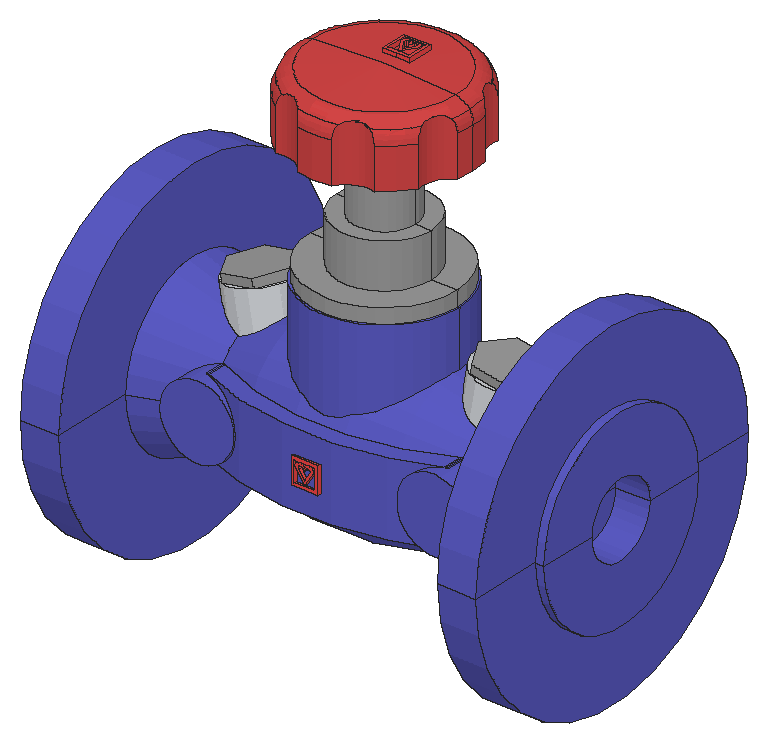
Revit family "Запорный клапан 4218 AGF", category Rohrzubehör, Revit 2018
Family settings
  Bemaßung runder Anschluss = Durchmesser verwenden
  Teiletyp = Unterbricht
  Arbeitsebenenbasiert = Nein
  Immer vertikal = Ja
  Beim Laden mit Abzugskörper schneiden = Nein
  Gemeinsam genutzt = Nein
Parameters
  w = 10.00°  # constant formula
  PN = 16  # constant formula
  Макс. рабочая температура до DN32 = 130 °C  # constant formula
  Макс. рабочая температура с DN40 = 110 °C  # constant formula
  Макс. рабочее давление = 1600000.0 Pa  # constant formula
  m2 [instance] = size_lookup("4218_AGF", "m2", 22.00 mm, Nennweite)  # 11.00 mm
  m1 [instance] = 27.59 mm  # constant formula
  d1 [instance] = size_lookup("4218_AGF", "d1", 25.00 mm, Nennweite)  # 25.00 mm
  Букса для клапана = "Латунь"  # constant formula
  Корпус = "Серый чугун GJL 250 в соответствии с EN 1561"  # constant formula
  URL = "www.herz-armaturen.ru"
  SCRNSEQ = "ARM;ARM_TYP=\"ABSV\";2"
  SCRNCODE = "05;11;2"  # constant formula
  R05 [instance] = size_lookup("4218_AGF", "R05", 45.00 mm, Nennweite)  # 45.00 mm
  R04 [instance] = size_lookup("4218_AGF", "R04", 25.50 mm, Nennweite)  # 25.50 mm
  R03 [instance] = size_lookup("4218_AGF", "R03", 30.00 mm, Nennweite)  # 30.00 mm
  R02 [instance] = size_lookup("4218_AGF", "R02", 21.15 mm, Nennweite)  # 21.15 mm
  R01 [instance] = size_lookup("4218_AGF", "R01", 29.50 mm, Nennweite)  # 29.50 mm
  O-Ringe = "EPDM"  # constant formula
  Nennweite [instance] = 25.00 mm
  Среда = "Качество теплоносителя в соответствии с ÖNORM H5195 и/или предписаниями VDI 2035.\r\nРазрешается использование смеси этилен или пропиленгликоля в соотношении 25-50% с водой."
  Lk [instance] = size_lookup("4218_AGF", "Lk", 32.50 mm, Nennweite)  # 32.50 mm
  L05 [instance] = 34.16 mm  # constant formula
  L04 [instance] = size_lookup("4218_AGF", "L04", 40.00 mm, Nennweite)  # 40.00 mm
  L03 [instance] = size_lookup("4218_AGF", "L03", 42.00 mm, Nennweite)  # 42.00 mm
  L02 [instance] = size_lookup("4218_AGF", "L02", 3.00 mm, Nennweite)  # 3.00 mm
  L01 [instance] = size_lookup("4218_AGF", "L01", 13.00 mm, Nennweite)  # 13.00 mm
  L [instance] = size_lookup("4218_AGF", "L", 160.00 mm, Nennweite)  # 160.00 mm
  Hersteller = "HERZ-Armaturen Ges.m.b.H"  # constant formula
  Dfl [instance] = size_lookup("4218_AGF", "Dfl", 57.50 mm, Nennweite)  # 57.50 mm
  DN80 [instance] = Nennweite = 80.00 mm  # no
  DN65-80 [instance] = or(Nennweite = 65.00 mm, Nennweite = 80.00 mm)  # no
  DN65 [instance] = Nennweite = 65.00 mm  # no
  DN50-80 [instance] = or(Nennweite = 50.00 mm, Nennweite = 65.00 mm, Nennweite = 80.00 mm)  # no
  DN50 [instance] = Nennweite = 50.00 mm  # no
  DN40 [instance] = Nennweite = 40.00 mm  # no
  DN32 [instance] = Nennweite = 32.00 mm  # no
  DN32-40 [instance] = or(Nennweite = 32.00 mm, Nennweite = 40.00 mm)  # no
  DN25-40 [instance] = or(Nennweite = 25.00 mm, Nennweite = 32.00 mm, Nennweite = 40.00 mm)  # yes
  DN25 [instance] = Nennweite = 25.00 mm  # yes
  D [instance] = size_lookup("4218_AGF", "D", 12.50 mm, Nennweite)  # 12.50 mm
  Номер заказа [instance] = size_lookup("4218_AGF", "Artnr", 0, Nennweite)  # 1421853
  B [instance] = size_lookup("4218_AGF", "B", 58.00 mm, Nennweite)  # 58.00 mm
  Область применения = "Для гидравлической балансировки в системах отопления или холодоснабжения, регулирования и перекрытия трубопроводов, стояков, теплообменников, регистров отопления и охлаждения."
Reference planes
  plane 1 "Mitte (Vorne/hinten)": y = 0
  plane 2: z = 0
  plane 3 "Mitte (Links/rechts)": x = 0
Forms (mm)
  Revolve 1, solid, material "Herz-Marineblau", detail levels fine
    sketch origin (1065, 0, 0) x (1, 0, 0) y (0, 1, 0)
      loop
        line (-1142, 57.5) -> (-1142, 32.5) -> (-1145, 32.5) -> (-1145, 12.5) -> (-1135, 12.5) -> (-1135, 0) -> (-997, 0) -> (-997, 12.5) -> (-985, 12.5) -> (-985, 32.5) -> (-988, 32.5) -> (-988, 57.5) -> (-1001, 57.5) -> (-1001, 29.5) -> (-1024.25, 21.15)
        arc (-1024.25, 21.15) -> (-1065, 30) -> (-1105.75, 21.15) r 98.242
        line (-1105.75, 21.15) -> (-1129, 29.5) -> (-1129, 57.5) -> (-1142, 57.5)
      axis (-985, 0) -> (-1145, 0)
    angle from 0 to 360
  Extrusion 2, solid, material "Herz-Marineblau", visible <- "DN25", detail levels fine
    sketch origin (0, 0, 0) x (1, 0, 0) y (0, 1, 0)
      loop
        arc (-40.75, -24.228) -> (0.085, -32.958) -> (40.917, -24.217) r 99.801
        line (40.917, -24.217) -> (40.917, 24.217)
        arc (40.917, 24.217) -> (0.085, 32.958) -> (-40.75, 24.228) r 99.801
        line (-40.75, 24.228) -> (-40.75, -24.228)
    from -12.5 to 12.5
  Extrusion 3, solid, material "Herz-Marineblau"
    sketch origin (0, 0, 0) x (1, 0, 0) y (0, 0, 1)
      loop
        circle (-40, 0) r 12.5
      loop
        circle (40, 0) r 12.5
    from -29 to 29
  Revolve 4, solid, visible <- "DN25"
    sketch origin (0, 0, 0) x (1, 0, 0) y (0, 0, 1)
      loop
        line (-42.018, 32) -> (-37.406, 5.845) -> (-26.573, 7.755) -> (-31.185, 33.91) -> (-42.018, 32)
      axis (-42.018, 32) -> (-37.406, 5.845)
    angle from 0 to 360
  Revolve 5, solid, visible <- "DN25"
    sketch origin (0, 0, 0) x (-1, 0, 0) y (0, 0, 1)
      loop
        line (-42.018, 32) -> (-37.406, 5.845) -> (-26.573, 7.755) -> (-31.185, 33.91) -> (-42.018, 32)
      axis (-42.018, 32) -> (-37.406, 5.845)
    angle from 0 to 360
  Revolve 6, solid, visible <- "DN32"
    sketch origin (-6, 0, 0) x (1, 0, 0) y (0, 0, 1)
      loop
        line (-42.018, 32) -> (-37.406, 5.845) -> (-26.573, 7.755) -> (-31.185, 33.91) -> (-42.018, 32)
      axis (-42.018, 32) -> (-37.406, 5.845)
    angle from 0 to 360
  Revolve 7, solid, visible <- "DN32"
    sketch origin (6, 0, 0) x (-1, 0, 0) y (0, 0, 1)
      loop
        line (-42.018, 32) -> (-37.406, 5.845) -> (-26.573, 7.755) -> (-31.185, 33.91) -> (-42.018, 32)
      axis (-42.018, 32) -> (-37.406, 5.845)
    angle from 0 to 360
  Revolve 8, solid, visible <- "DN40"
    sketch origin (-10, 0, 6) x (1, 0, 0) y (0, 0, 1)
      loop
        line (-42.018, 32) -> (-37.406, 5.845) -> (-26.573, 7.755) -> (-31.185, 33.91) -> (-42.018, 32)
      axis (-42.018, 32) -> (-37.406, 5.845)
    angle from 0 to 360
  Revolve 9, solid, visible <- "DN40"
    sketch origin (10, 0, 6) x (-1, 0, 0) y (0, 0, 1)
      loop
        line (-42.018, 32) -> (-37.406, 5.845) -> (-26.573, 7.755) -> (-31.185, 33.91) -> (-42.018, 32)
      axis (-42.018, 32) -> (-37.406, 5.845)
    angle from 0 to 360
  Revolve 10, solid, visible <- "DN50"
    sketch origin (-23, 0, 16) x (1, 0, 0) y (0, 0, 1)
      loop
        line (-42.018, 32) -> (-37.406, 5.845) -> (-26.573, 7.755) -> (-31.185, 33.91) -> (-42.018, 32)
      axis (-42.018, 32) -> (-37.406, 5.845)
    angle from 0 to 360
  Revolve 11, solid, visible <- "DN50"
    sketch origin (23, 0, 16) x (-1, 0, 0) y (0, 0, 1)
      loop
        line (-42.018, 32) -> (-37.406, 5.845) -> (-26.573, 7.755) -> (-31.185, 33.91) -> (-42.018, 32)
      axis (-42.018, 32) -> (-37.406, 5.845)
    angle from 0 to 360
  Revolve 12, solid, visible <- "DN65"
    sketch origin (-35, 0, 28) x (1, 0, 0) y (0, 0, 1)
      loop
        line (-42.018, 32) -> (-34.219, -12.231) -> (-18.954, -9.539) -> (-26.753, 34.692) -> (-42.018, 32)
      axis (-42.018, 32) -> (-34.219, -12.231)
    angle from 0 to 360
  Revolve 13, solid, visible <- "DN65"
    sketch origin (35, 0, 28) x (-1, 0, 0) y (0, 0, 1)
      loop
        line (-42.018, 32) -> (-34.219, -12.231) -> (-18.954, -9.539) -> (-26.753, 34.692) -> (-42.018, 32)
      axis (-42.018, 32) -> (-34.219, -12.231)
    angle from 0 to 360
  Revolve 14, solid, visible <- "DN80"
    sketch origin (-43, 0, 33) x (1, 0, 0) y (0, 0, 1)
      loop
        line (-42.018, 32) -> (-34.219, -12.231) -> (-18.954, -9.539) -> (-26.753, 34.692) -> (-42.018, 32)
      axis (-42.018, 32) -> (-34.219, -12.231)
    angle from 0 to 360
  Revolve 15, solid, visible <- "DN80"
    sketch origin (43, 0, 33) x (-1, 0, 0) y (0, 0, 1)
      loop
        line (-42.018, 32) -> (-34.219, -12.231) -> (-18.954, -9.539) -> (-26.753, 34.692) -> (-42.018, 32)
      axis (-42.018, 32) -> (-34.219, -12.231)
    angle from 0 to 360
  Revolve 16, solid, material "Herz-Marineblau"
    sketch origin (0, 0, 0) x (1, 0, 0) y (0, 0, 1)
      loop
        line (-0.018, 0) -> (25.5, 0) -> (25.5, 45) -> (-0.018, 45) -> (-0.018, 0)
      axis (-0.018, 45) -> (-0.018, 0)
    angle from 0 to 360
  Extrusion 17, solid, material "Herz-Marineblau", visible <- "DN32", detail levels fine
    sketch origin (0, 5, 0) x (1, 0, 0) y (0, 1, 0)
      loop
        arc (-50, -30.504) -> (0, -44.033) -> (50, -30.504) r 99.158
        line (50, -30.504) -> (50, 20.504)
        arc (50, 20.504) -> (0, 34.033) -> (-50, 20.504) r 99.158
        line (-50, 20.504) -> (-50, -30.504)
    from -12.5 to 12.5
  Extrusion 18, solid, material "Herz-Marineblau", visible <- "DN40", detail levels fine
    sketch origin (0, 7.139, 0) x (1, 0, 0) y (0, 1, 0)
      loop
        arc (-58.75, -37.243) -> (-0.086, -48.157) -> (58.607, -37.396) r 164.275
        line (58.607, -37.396) -> (58.607, 23.118)
        arc (58.607, 23.118) -> (-0.086, 33.878) -> (-58.75, 22.964) r 164.275
        line (-58.75, 22.964) -> (-58.75, -37.243)
    from -12.5 to 12.5
  Extrusion 19, solid, material "Herz-Marineblau", visible <- "DN50", detail levels fine
    sketch origin (0, 12.139, 0) x (1, 0, 0) y (0, 1, 0)
      loop
        arc (-70, -51.365) -> (-0.006, -58.136) -> (70, -51.487) r 368.507
        line (70, -51.487) -> (70, 27.208)
        arc (70, 27.208) -> (-0.006, 33.857) -> (-70, 27.086) r 368.507
        line (-70, 27.086) -> (-70, -51.365)
    from -12.5 to 12.5
  Extrusion 20, solid, material "Herz-Marineblau", visible <- "DN65", detail levels fine
    sketch origin (0, 17.139, 0) x (1, 0, 0) y (0, 1, 0)
      loop
        line (-89.879, 31.045) -> (-89.879, -65.324)
        arc (-89.879, -65.324) -> (0.112, -71.41) -> (90.111, -65.45) r 675.309
        line (90.111, -65.45) -> (90.111, 31.171)
        arc (90.111, 31.171) -> (0.112, 37.132) -> (-89.879, 31.045) r 675.309
    from -12.5 to 12.5
  Extrusion 21, solid, material "Herz-Marineblau", visible <- "DN80", detail levels fine
    sketch origin (0, 23.908, 0) x (1, 0, 0) y (0, 1, 0)
      loop
        line (-95.924, 29.668) -> (-95.924, -77.484)
        arc (-95.924, -77.484) -> (1.171, -81.507) -> (98.253, -77.179) r 1130.914
        line (98.253, -77.179) -> (98.253, 29.363)
        arc (98.253, 29.363) -> (1.171, 33.69) -> (-95.924, 29.668) r 1130.914
    from -12.5 to 12.5
  Revolve 22, solid, material "Messing, weicher Gelbton, geschweißt", visible <- "DN25"
    sketch origin (0, 0, 0) x (1, 0, 0) y (0, 0, 1)
      loop
        line (-15.927, 65) -> (-15.927, 50) -> (-24.821, 50) -> (-24.821, 45) -> (-0.018, 45) -> (-0.018, 87.982) -> (-7.018, 87.982) -> (-10.561, 84.439) -> (-10.561, 65) -> (-15.927, 65)
      axis (-0.018, 87.982) -> (-0.018, 45)
    angle from 0 to 360
  Revolve 23, solid, material "Messing, weicher Gelbton, geschweißt", visible <- "DN32-40"
    sketch origin (0, 0, 5) x (1, 0, 0) y (0, 0, 1)
      loop
        line (-15.927, 65) -> (-15.927, 50) -> (-24.821, 50) -> (-24.821, 45) -> (-0.018, 45) -> (-0.018, 82.982) -> (-7.018, 82.982) -> (-10.561, 79.439) -> (-10.561, 65) -> (-15.927, 65)
      axis (-0.018, 82.982) -> (-0.018, 45)
    angle from 0 to 360
  Revolve 24, solid, material "Messing, weicher Gelbton, geschweißt", visible <- "DN50"
    sketch origin (0, 0, 0) x (1, 0, 0) y (0, 0, 1)
      loop
        line (-30.605, 80.5) -> (-30.605, 65.5) -> (-39.5, 65.5) -> (-39.5, 60.5) -> (0, 60.5) -> (0, 103) -> (-17.179, 103) -> (-25.239, 94.939) -> (-25.239, 80.5) -> (-30.605, 80.5)
      axis (0, 103) -> (0, 60.5)
    angle from 0 to 360
  Revolve 25, solid, material "Messing, weicher Gelbton, geschweißt", visible <- "DN65-80"
    sketch origin (0, 0, 7.5) x (1, 0, 0) y (0, 0, 1)
      loop
        line (-30.605, 80.5) -> (-30.605, 65.5) -> (-39.5, 65.5) -> (-39.5, 60.5) -> (0, 60.5) -> (0, 95.5) -> (-17.179, 95.5) -> (-25.239, 87.439) -> (-25.239, 80.5) -> (-30.605, 80.5)
      axis (0, 95.5) -> (0, 60.5)
    angle from 0 to 360
  Extrusion 26, solid, material "Messing, weicher Gelbton, geschweißt", visible <- "DN25"
    sketch origin (0.537, 0, 6.073) x (0.984808, 0, 0.173648) y (0, 1, 0)
      loop
        line (-26.573, 0) -> (-31.989, 9.382) -> (-42.822, 9.382) -> (-48.239, 0) -> (-42.822, -9.382) -> (-31.989, -9.382) -> (-26.573, 0)
    from 32.922 to 35.92
  Extrusion 27, solid, material "Messing, weicher Gelbton, geschweißt", visible <- "DN40"
    sketch origin (-9.463, 0, 12.073) x (0.984808, 0, 0.173648) y (0, 1, 0)
      loop
        line (-26.573, 0) -> (-31.989, 9.382) -> (-42.822, 9.382) -> (-48.239, 0) -> (-42.822, -9.382) -> (-31.989, -9.382) -> (-26.573, 0)
    from 32.922 to 35.92
  Extrusion 28, solid, material "Messing, weicher Gelbton, geschweißt", visible <- "DN50"
    sketch origin (-22.463, 0, 22.073) x (0.984808, 0, 0.173648) y (0, 1, 0)
      loop
        line (-26.573, 0) -> (-31.989, 9.382) -> (-42.822, 9.382) -> (-48.239, 0) -> (-42.822, -9.382) -> (-31.989, -9.382) -> (-26.573, 0)
    from 32.922 to 35.92
  Extrusion 29, solid, material "Messing, weicher Gelbton, geschweißt", visible <- "DN80"
    sketch origin (-40.926, 0, 36.434) x (0.984808, 0, 0.173648) y (0, 1, 0)
      loop
        line (-24.656, 0) -> (-31.558, 11.956) -> (-45.364, 11.956) -> (-52.266, 0) -> (-45.364, -11.956) -> (-31.558, -11.956) -> (-24.656, 0)
    from 35.788 to 38.79
  Extrusion 30, solid, material "Messing, weicher Gelbton, geschweißt", visible <- "DN32"
    sketch origin (-5.463, 0, 6.073) x (0.984808, 0, 0.173648) y (0, 1, 0)
      loop
        line (-26.573, 0) -> (-31.989, 9.382) -> (-42.822, 9.382) -> (-48.239, 0) -> (-42.822, -9.382) -> (-31.989, -9.382) -> (-26.573, 0)
    from 32.922 to 35.92
  Extrusion 31, solid, material "Messing, weicher Gelbton, geschweißt", visible <- "DN25"
    sketch origin (-0.537, 0, 6.073) x (-0.984808, 0, 0.173648) y (0, -1, 0)
      loop
        line (-26.573, 0) -> (-31.989, 9.382) -> (-42.822, 9.382) -> (-48.239, 0) -> (-42.822, -9.382) -> (-31.989, -9.382) -> (-26.573, 0)
    from 32.922 to 35.92
  Extrusion 32, solid, material "Messing, weicher Gelbton, geschweißt", visible <- "DN40"
    sketch origin (9.463, 0, 12.073) x (-0.984808, 0, 0.173648) y (0, -1, 0)
      loop
        line (-26.573, 0) -> (-31.989, 9.382) -> (-42.822, 9.382) -> (-48.239, 0) -> (-42.822, -9.382) -> (-31.989, -9.382) -> (-26.573, 0)
    from 32.922 to 35.92
  Extrusion 33, solid, material "Messing, weicher Gelbton, geschweißt", visible <- "DN50"
    sketch origin (22.463, 0, 22.073) x (-0.984808, 0, 0.173648) y (0, -1, 0)
      loop
        line (-26.573, 0) -> (-31.989, 9.382) -> (-42.822, 9.382) -> (-48.239, 0) -> (-42.822, -9.382) -> (-31.989, -9.382) -> (-26.573, 0)
    from 32.922 to 35.92
  Extrusion 34, solid, material "Messing, weicher Gelbton, geschweißt", visible <- "DN32"
    sketch origin (5.463, 0, 6.073) x (-0.984808, 0, 0.173648) y (0, -1, 0)
      loop
        line (-26.573, 0) -> (-31.989, 9.382) -> (-42.822, 9.382) -> (-48.239, 0) -> (-42.822, -9.382) -> (-31.989, -9.382) -> (-26.573, 0)
    from 32.922 to 35.92
  Extrusion 35, solid, material "Messing, weicher Gelbton, geschweißt", visible <- "DN65"
    sketch origin (-32.926, 0, 31.434) x (0.984808, 0, 0.173648) y (0, 1, 0)
      loop
        line (-24.656, 0) -> (-31.558, 11.956) -> (-45.364, 11.956) -> (-52.266, 0) -> (-45.364, -11.956) -> (-31.558, -11.956) -> (-24.656, 0)
    from 35.788 to 38.79
  Extrusion 36, solid, material "Messing, weicher Gelbton, geschweißt", visible <- "DN80"
    sketch origin (40.926, 0, 36.434) x (-0.984808, 0, 0.173648) y (0, -1, 0)
      loop
        line (-24.656, 0) -> (-31.558, 11.956) -> (-45.364, 11.956) -> (-52.266, 0) -> (-45.364, -11.956) -> (-31.558, -11.956) -> (-24.656, 0)
    from 35.788 to 38.79
  Extrusion 37, solid, material "Messing, weicher Gelbton, geschweißt", visible <- "DN65"
    sketch origin (32.926, 0, 31.434) x (-0.984808, 0, 0.173648) y (0, -1, 0)
      loop
        line (-24.656, 0) -> (-31.558, 11.956) -> (-45.364, 11.956) -> (-52.266, 0) -> (-45.364, -11.956) -> (-31.558, -11.956) -> (-24.656, 0)
    from 35.788 to 38.79
Lines and regions (mm)
  model lines
    curve 1: line (-42.018, 0, 0) -> (-42.018, 0, 32)
    curve 2: line (-0.018, 0, 0) -> (-48.018, 0, 0)
    curve 3: line (-48.018, 0, 0) -> (-48.018, 0, 32)
    curve 4: line (-0.018, 0, 0) -> (-52.018, 0, 0)
    curve 5: line (-52.018, 0, 0) -> (-52.018, 0, 38)
    curve 6: line (-0.018, 0, 0) -> (-65.018, 0, 0)
    curve 7: line (-65.018, 0, 0) -> (-65.018, 0, 48)
    curve 8: line (-0.018, 0, 0) -> (-77.018, 0, 0)
    curve 9: line (-77.018, 0, 0) -> (-77.018, 0, 60)
    curve 10: line (-0.018, 0, 0) -> (-85.018, 0, 0)
    curve 11: line (-100.282, 0, 0) -> (-69.753, 0, 0)
    curve 12: line (-92.474, 0, 0) -> (-61.753, 0, 0)
Dimensions and locks
  "Dfl": plane 1 "Mitte (Vorne/hinten)" to Revolve 1 sketch curve
  "Lk": plane 1 "Mitte (Vorne/hinten)" to Revolve 1 sketch curve
  "D": plane 1 "Mitte (Vorne/hinten)" to Revolve 1 sketch curve
  "L": Revolve 1 sketch curve to Revolve 1 sketch curve
  "L01": Revolve 1 sketch curve to Revolve 1 sketch curve  (x2)
  "L02": Revolve 1 sketch curve to Revolve 1 sketch curve  (x2)
  equal spacing: Revolve 1 sketch curve, plane 3 "Mitte (Links/rechts)", Revolve 1 sketch curve  (x2)
  "L04": plane 3 "Mitte (Links/rechts)" to Extrusion 3 sketch curve
  "L04": Extrusion 3 sketch curve to plane 3 "Mitte (Links/rechts)"
  "B": Extrusion 3 to Extrusion 3
  equal spacing: Extrusion 3, plane 1 "Mitte (Vorne/hinten)", Extrusion 3
  "D": Revolve 1 sketch curve to plane 1 "Mitte (Vorne/hinten)"
  "Lk": Revolve 1 sketch curve to plane 1 "Mitte (Vorne/hinten)"
  "Dfl": Revolve 1 sketch curve to plane 1 "Mitte (Vorne/hinten)"
  "R02": plane 1 "Mitte (Vorne/hinten)" to Revolve 1 sketch curve  (x2)
  "R01": plane 1 "Mitte (Vorne/hinten)" to Revolve 1 sketch curve  (x2)
  "R03": plane 1 "Mitte (Vorne/hinten)" to Revolve 1 sketch curve
  Revolve 4 sketch curve to Revolve 4 sketch curve = 11.00 mm
  Revolve 4 sketch curve to Revolve 4 sketch curve = 26.559 mm
  Revolve 5 sketch curve to Revolve 5 sketch curve = 11.00 mm
  Revolve 5 sketch curve to Revolve 5 sketch curve = 26.559 mm
  Revolve 6 sketch curve to Revolve 6 sketch curve = 11.00 mm
  Revolve 6 sketch curve to Revolve 6 sketch curve = 26.559 mm
  Revolve 7 sketch curve to Revolve 7 sketch curve = 11.00 mm
  Revolve 7 sketch curve to Revolve 7 sketch curve = 26.559 mm
  Revolve 8 sketch curve to Revolve 8 sketch curve = 11.00 mm
  Revolve 8 sketch curve to Revolve 8 sketch curve = 26.559 mm
  Revolve 9 sketch curve to Revolve 9 sketch curve = 11.00 mm
  Revolve 9 sketch curve to Revolve 9 sketch curve = 26.559 mm
  Revolve 10 sketch curve to Revolve 10 sketch curve = 11.00 mm
  Revolve 10 sketch curve to Revolve 10 sketch curve = 26.559 mm
  Revolve 11 sketch curve to Revolve 11 sketch curve = 11.00 mm
  Revolve 11 sketch curve to Revolve 11 sketch curve = 26.559 mm
  Revolve 12 sketch curve to Revolve 12 sketch curve = 15.50 mm
  Revolve 12 sketch curve to Revolve 12 sketch curve = 44.913 mm
  Revolve 13 sketch curve to Revolve 13 sketch curve = 15.50 mm
  Revolve 13 sketch curve to Revolve 13 sketch curve = 44.913 mm
  Revolve 14 sketch curve to Revolve 14 sketch curve = 15.50 mm
  Revolve 14 sketch curve to Revolve 14 sketch curve = 44.913 mm
  Revolve 15 sketch curve to Revolve 15 sketch curve = 15.50 mm
  Revolve 15 sketch curve to Revolve 15 sketch curve = 44.913 mm
  "R05": Revolve 16 sketch curve to plane 2
  "R04": plane 3 "Mitte (Links/rechts)" to Revolve 16 sketch curve
  nested 5 to plane 2 = 88.00 mm
  nested 7 to plane 2 = 103.00 mm
  "d1": diameter of Extrusion 3 sketch curve  (x2)
  aligned and locked: level to plane 2
Automatic sketch dimensions
  curve 10 to level = 0.00 mm
  curve 8 to level = 0.00 mm
  curve 5 to level = 0.00 mm
  curve 10 to plane 3 "Mitte (Links/rechts)" = 85.018 mm
  curve 10 to curve 8 = 8.00 mm
  curve 8 to curve 7 = 12.00 mm
  curve 6 to curve 5 = 13.00 mm
  curve 4 to curve 2 = 4.00 mm
  curve 4 to plane 3 "Mitte (Links/rechts)" = 0.018 mm
  curve 6 to curve 2 = 0.00 mm
  curve 3 to curve 1 = 6.00 mm
  curve 10 to curve 2 = 0.00 mm
  level to curve 3 = 32.00 mm
  curve 1 to curve 3 = 0.00 mm
  curve 3 to curve 5 = 6.00 mm
  curve 5 to curve 7 = 10.00 mm
  curve 7 to curve 9 = 12.00 mm
  plane 1 "Mitte (Vorne/hinten)" to curve 11 = 0.00 mm
  plane 1 "Mitte (Vorne/hinten)" to curve 12 = 0.00 mm
  curve 11 to plane 3 "Mitte (Links/rechts)" = 100.282 mm
  curve 11 to curve 12 = 7.808 mm
  curve 12 to curve 11 = 22.721 mm
  curve 11 to curve 12 = 8.00 mm
  Extrusion 2 sketch curve to plane 3 "Mitte (Links/rechts)" = 40.75 mm
  plane 3 "Mitte (Links/rechts)" to Extrusion 2 sketch curve = 0.071 mm  (x2)
  plane 1 "Mitte (Vorne/hinten)" to Extrusion 2 sketch curve = 24.217 mm
  plane 3 "Mitte (Links/rechts)" to Extrusion 2 sketch curve = 40.917 mm
  plane 1 "Mitte (Vorne/hinten)" to Extrusion 2 sketch curve = 24.228 mm
  Extrusion 2 sketch curve to Extrusion 2 sketch curve = 42.614 mm
  Extrusion 2 sketch curve to plane 1 "Mitte (Vorne/hinten)" = 24.217 mm
  Revolve 4 sketch curve to plane 3 "Mitte (Links/rechts)" = 42.018 mm
  level to Revolve 4 sketch curve = 5.845 mm  (x2)
  Revolve 4 sketch curve to Revolve 4 sketch curve = 4.612 mm
  Revolve 4 sketch curve to Revolve 4 sketch curve = 10.833 mm
  level to Revolve 4 sketch curve = 32.00 mm
  Revolve 5 sketch curve to plane 3 "Mitte (Links/rechts)" = 42.018 mm
  Revolve 5 sketch curve to level = 5.845 mm  (x2)
  Revolve 5 sketch curve to Revolve 5 sketch curve = 4.612 mm
  Revolve 5 sketch curve to Revolve 5 sketch curve = 10.833 mm
  Revolve 5 sketch curve to level = 32.00 mm
  Revolve 6 sketch curve to plane 3 "Mitte (Links/rechts)" = 48.018 mm
  level to Revolve 6 sketch curve = 5.845 mm  (x2)
  Revolve 6 sketch curve to Revolve 6 sketch curve = 4.612 mm
  level to Revolve 6 sketch curve = 33.91 mm
  level to Revolve 6 sketch curve = 32.00 mm
  Revolve 7 sketch curve to plane 3 "Mitte (Links/rechts)" = 48.018 mm
  Revolve 7 sketch curve to level = 5.845 mm  (x2)
  Revolve 7 sketch curve to Revolve 7 sketch curve = 4.612 mm
  Revolve 7 sketch curve to level = 33.91 mm
  Revolve 7 sketch curve to level = 32.00 mm
  Revolve 8 sketch curve to plane 3 "Mitte (Links/rechts)" = 52.018 mm
  level to Revolve 8 sketch curve = 11.845 mm  (x2)
  Revolve 8 sketch curve to Revolve 8 sketch curve = 4.612 mm
  level to Revolve 8 sketch curve = 39.91 mm
  level to Revolve 8 sketch curve = 38.00 mm
  Revolve 9 sketch curve to plane 3 "Mitte (Links/rechts)" = 52.018 mm
  Revolve 9 sketch curve to level = 11.845 mm  (x2)
  Revolve 9 sketch curve to Revolve 9 sketch curve = 4.612 mm
  Revolve 9 sketch curve to level = 39.91 mm
  Revolve 9 sketch curve to level = 38.00 mm
  Revolve 10 sketch curve to plane 3 "Mitte (Links/rechts)" = 65.018 mm
  level to Revolve 10 sketch curve = 21.845 mm  (x2)
  Revolve 10 sketch curve to Revolve 10 sketch curve = 4.612 mm
  level to Revolve 10 sketch curve = 49.91 mm
  level to Revolve 10 sketch curve = 48.00 mm
  Revolve 11 sketch curve to plane 3 "Mitte (Links/rechts)" = 65.018 mm
  Revolve 11 sketch curve to level = 21.845 mm  (x2)
  Revolve 11 sketch curve to Revolve 11 sketch curve = 4.612 mm
  Revolve 11 sketch curve to level = 49.91 mm
  Revolve 11 sketch curve to level = 48.00 mm
  Revolve 12 sketch curve to plane 3 "Mitte (Links/rechts)" = 77.018 mm
  level to Revolve 12 sketch curve = 15.769 mm
  Revolve 12 sketch curve to Revolve 12 sketch curve = 7.799 mm
  Revolve 12 sketch curve to Revolve 12 sketch curve = 15.265 mm
  level to Revolve 12 sketch curve = 60.00 mm
  level to Revolve 12 sketch curve = 33.845 mm
  Revolve 13 sketch curve to plane 3 "Mitte (Links/rechts)" = 77.018 mm
  Revolve 13 sketch curve to level = 15.769 mm
  Revolve 13 sketch curve to Revolve 13 sketch curve = 7.799 mm
  Revolve 13 sketch curve to Revolve 13 sketch curve = 15.265 mm
  Revolve 13 sketch curve to level = 60.00 mm
  Revolve 13 sketch curve to level = 33.845 mm
  Revolve 14 sketch curve to plane 3 "Mitte (Links/rechts)" = 85.018 mm
  level to Revolve 14 sketch curve = 20.769 mm
  Revolve 14 sketch curve to Revolve 14 sketch curve = 7.799 mm
  level to Revolve 14 sketch curve = 67.692 mm
  level to Revolve 14 sketch curve = 65.00 mm
  level to Revolve 14 sketch curve = 38.845 mm
  Revolve 15 sketch curve to plane 3 "Mitte (Links/rechts)" = 85.018 mm
  Revolve 15 sketch curve to level = 20.769 mm
  Revolve 15 sketch curve to Revolve 15 sketch curve = 7.799 mm
  Revolve 15 sketch curve to level = 67.692 mm
  Revolve 15 sketch curve to level = 65.00 mm
  Revolve 15 sketch curve to level = 38.845 mm
  Extrusion 17 sketch curve to plane 3 "Mitte (Links/rechts)" = 0.00 mm  (x2)
  Extrusion 17 sketch curve to plane 1 "Mitte (Vorne/hinten)" = 25.504 mm
  Extrusion 17 sketch curve to plane 3 "Mitte (Links/rechts)" = 50.00 mm
  plane 1 "Mitte (Vorne/hinten)" to Extrusion 17 sketch curve = 25.504 mm
  plane 3 "Mitte (Links/rechts)" to Extrusion 17 sketch curve = 50.00 mm
  plane 1 "Mitte (Vorne/hinten)" to Extrusion 17 sketch curve = 60.125 mm
  Extrusion 17 sketch curve to plane 1 "Mitte (Vorne/hinten)" = 60.125 mm
  Extrusion 18 sketch curve to plane 3 "Mitte (Links/rechts)" = 58.75 mm
  plane 3 "Mitte (Links/rechts)" to Extrusion 18 sketch curve = 0.129 mm  (x2)
  plane 1 "Mitte (Vorne/hinten)" to Extrusion 18 sketch curve = 30.257 mm
  plane 3 "Mitte (Links/rechts)" to Extrusion 18 sketch curve = 58.607 mm
  Extrusion 18 sketch curve to Extrusion 18 sketch curve = 93.00 mm
  plane 1 "Mitte (Vorne/hinten)" to Extrusion 18 sketch curve = 30.103 mm
  Extrusion 18 sketch curve to plane 1 "Mitte (Vorne/hinten)" = 30.103 mm
  Extrusion 19 sketch curve to plane 3 "Mitte (Links/rechts)" = 70.00 mm
  plane 3 "Mitte (Links/rechts)" to Extrusion 19 sketch curve = 0.315 mm  (x2)
  plane 1 "Mitte (Vorne/hinten)" to Extrusion 19 sketch curve = 39.348 mm
  plane 3 "Mitte (Links/rechts)" to Extrusion 19 sketch curve = 70.00 mm
  Extrusion 19 sketch curve to Extrusion 19 sketch curve = 283.163 mm
  plane 1 "Mitte (Vorne/hinten)" to Extrusion 19 sketch curve = 39.226 mm
  Extrusion 19 sketch curve to plane 1 "Mitte (Vorne/hinten)" = 39.226 mm
  Extrusion 20 sketch curve to plane 3 "Mitte (Links/rechts)" = 89.879 mm
  plane 3 "Mitte (Links/rechts)" to Extrusion 20 sketch curve = 0.585 mm  (x2)
  plane 3 "Mitte (Links/rechts)" to Extrusion 20 sketch curve = 90.111 mm
  plane 1 "Mitte (Vorne/hinten)" to Extrusion 20 sketch curve = 621.038 mm
  plane 1 "Mitte (Vorne/hinten)" to Extrusion 20 sketch curve = 48.311 mm
  plane 1 "Mitte (Vorne/hinten)" to Extrusion 20 sketch curve = 48.185 mm
  Extrusion 20 sketch curve to plane 1 "Mitte (Vorne/hinten)" = 48.185 mm
  Extrusion 21 sketch curve to plane 3 "Mitte (Links/rechts)" = 95.924 mm
  Extrusion 21 sketch curve to plane 3 "Mitte (Links/rechts)" = 0.606 mm  (x2)
  plane 1 "Mitte (Vorne/hinten)" to Extrusion 21 sketch curve = 53.271 mm
  plane 3 "Mitte (Links/rechts)" to Extrusion 21 sketch curve = 98.253 mm
  plane 1 "Mitte (Vorne/hinten)" to Extrusion 21 sketch curve = 53.576 mm
  Extrusion 21 sketch curve to Extrusion 21 sketch curve = 1019.737 mm
  Extrusion 21 sketch curve to plane 1 "Mitte (Vorne/hinten)" = 53.271 mm
  Revolve 22 sketch curve to plane 3 "Mitte (Links/rechts)" = 24.821 mm
  Revolve 22 sketch curve to Revolve 22 sketch curve = 8.895 mm
  Revolve 22 sketch curve to Revolve 22 sketch curve = 5.366 mm
  Revolve 22 sketch curve to Revolve 22 sketch curve = 3.543 mm  (x2)
  Revolve 22 sketch curve to plane 3 "Mitte (Links/rechts)" = 0.018 mm
  level to Revolve 22 sketch curve = 45.00 mm
  Revolve 22 sketch curve to Revolve 22 sketch curve = 5.00 mm
  Revolve 22 sketch curve to Revolve 22 sketch curve = 15.00 mm
  Revolve 22 sketch curve to Revolve 22 sketch curve = 19.439 mm
  Revolve 22 sketch curve to Revolve 22 sketch curve = 0.00 mm  (x3)
  Revolve 23 sketch curve to plane 3 "Mitte (Links/rechts)" = 24.821 mm
  Revolve 23 sketch curve to Revolve 23 sketch curve = 8.895 mm
  Revolve 23 sketch curve to Revolve 23 sketch curve = 5.366 mm
  Revolve 23 sketch curve to Revolve 23 sketch curve = 3.543 mm  (x2)
  Revolve 23 sketch curve to plane 3 "Mitte (Links/rechts)" = 0.018 mm
  level to Revolve 23 sketch curve = 50.00 mm
  Revolve 23 sketch curve to Revolve 23 sketch curve = 5.00 mm  (x2)
  Revolve 23 sketch curve to Revolve 23 sketch curve = 15.00 mm
  Revolve 23 sketch curve to Revolve 23 sketch curve = 14.439 mm
  Revolve 23 sketch curve to Revolve 23 sketch curve = 0.00 mm  (x2)
  Revolve 24 sketch curve to plane 3 "Mitte (Links/rechts)" = 0.00 mm  (x2)
  Revolve 24 sketch curve to plane 3 "Mitte (Links/rechts)" = 17.179 mm
  Revolve 24 sketch curve to Revolve 24 sketch curve = 8.061 mm  (x2)
  Revolve 24 sketch curve to Revolve 24 sketch curve = 5.366 mm
  Revolve 24 sketch curve to Revolve 24 sketch curve = 8.895 mm
  level to Revolve 24 sketch curve = 60.50 mm
  Revolve 24 sketch curve to Revolve 24 sketch curve = 5.00 mm
  Revolve 24 sketch curve to Revolve 24 sketch curve = 15.00 mm
  Revolve 24 sketch curve to Revolve 24 sketch curve = 14.439 mm
  Revolve 24 sketch curve to Revolve 24 sketch curve = 0.00 mm  (x2)
  Revolve 25 sketch curve to plane 3 "Mitte (Links/rechts)" = 0.00 mm  (x2)
  Revolve 25 sketch curve to plane 3 "Mitte (Links/rechts)" = 17.179 mm
  Revolve 25 sketch curve to Revolve 25 sketch curve = 8.061 mm  (x2)
  Revolve 25 sketch curve to Revolve 25 sketch curve = 5.366 mm
  Revolve 25 sketch curve to Revolve 25 sketch curve = 8.895 mm
  level to Revolve 25 sketch curve = 68.00 mm
  Revolve 25 sketch curve to Revolve 25 sketch curve = 5.00 mm
  Revolve 25 sketch curve to Revolve 25 sketch curve = 15.00 mm
  Revolve 25 sketch curve to Revolve 25 sketch curve = 6.939 mm
  Revolve 25 sketch curve to Revolve 25 sketch curve = 0.00 mm
  Revolve 25 sketch curve to Revolve 25 sketch curve = 7.50 mm
  plane 1 "Mitte (Vorne/hinten)" to Extrusion 26 sketch curve = 0.00 mm  (x2)
  Extrusion 26 sketch curve to Extrusion 26 sketch curve = 5.416 mm  (x3)
  plane 1 "Mitte (Vorne/hinten)" to Extrusion 26 sketch curve = 9.382 mm
  Extrusion 26 sketch curve to Extrusion 26 sketch curve = 10.833 mm  (x2)
  Extrusion 26 sketch curve to plane 1 "Mitte (Vorne/hinten)" = 9.382 mm
  plane 1 "Mitte (Vorne/hinten)" to Extrusion 27 sketch curve = 0.00 mm  (x2)
  Extrusion 27 sketch curve to Extrusion 27 sketch curve = 5.416 mm  (x3)
  plane 1 "Mitte (Vorne/hinten)" to Extrusion 27 sketch curve = 9.382 mm
  Extrusion 27 sketch curve to Extrusion 27 sketch curve = 10.833 mm  (x2)
  Extrusion 27 sketch curve to plane 1 "Mitte (Vorne/hinten)" = 9.382 mm
  plane 1 "Mitte (Vorne/hinten)" to Extrusion 28 sketch curve = 0.00 mm  (x2)
  Extrusion 28 sketch curve to Extrusion 28 sketch curve = 5.416 mm  (x3)
  plane 1 "Mitte (Vorne/hinten)" to Extrusion 28 sketch curve = 9.382 mm
  Extrusion 28 sketch curve to Extrusion 28 sketch curve = 10.833 mm  (x2)
  Extrusion 28 sketch curve to plane 1 "Mitte (Vorne/hinten)" = 9.382 mm
  plane 1 "Mitte (Vorne/hinten)" to Extrusion 29 sketch curve = 0.00 mm  (x2)
  Extrusion 29 sketch curve to Extrusion 29 sketch curve = 6.903 mm  (x3)
  plane 1 "Mitte (Vorne/hinten)" to Extrusion 29 sketch curve = 11.956 mm
  Extrusion 29 sketch curve to Extrusion 29 sketch curve = 13.805 mm  (x2)
  Extrusion 29 sketch curve to plane 1 "Mitte (Vorne/hinten)" = 11.956 mm
  plane 1 "Mitte (Vorne/hinten)" to Extrusion 30 sketch curve = 0.00 mm  (x2)
  Extrusion 30 sketch curve to Extrusion 30 sketch curve = 5.416 mm  (x3)
  plane 1 "Mitte (Vorne/hinten)" to Extrusion 30 sketch curve = 9.382 mm
  Extrusion 30 sketch curve to Extrusion 30 sketch curve = 10.833 mm  (x2)
  Extrusion 30 sketch curve to plane 1 "Mitte (Vorne/hinten)" = 9.382 mm
  plane 1 "Mitte (Vorne/hinten)" to Extrusion 31 sketch curve = 0.00 mm  (x2)
  Extrusion 31 sketch curve to Extrusion 31 sketch curve = 5.416 mm  (x3)
  plane 1 "Mitte (Vorne/hinten)" to Extrusion 31 sketch curve = 9.382 mm
  Extrusion 31 sketch curve to Extrusion 31 sketch curve = 10.833 mm  (x2)
  Extrusion 31 sketch curve to plane 1 "Mitte (Vorne/hinten)" = 9.382 mm
  plane 1 "Mitte (Vorne/hinten)" to Extrusion 32 sketch curve = 0.00 mm  (x2)
  Extrusion 32 sketch curve to Extrusion 32 sketch curve = 5.416 mm  (x3)
  plane 1 "Mitte (Vorne/hinten)" to Extrusion 32 sketch curve = 9.382 mm
  Extrusion 32 sketch curve to Extrusion 32 sketch curve = 10.833 mm  (x2)
  Extrusion 32 sketch curve to plane 1 "Mitte (Vorne/hinten)" = 9.382 mm
  plane 1 "Mitte (Vorne/hinten)" to Extrusion 33 sketch curve = 0.00 mm  (x2)
  Extrusion 33 sketch curve to Extrusion 33 sketch curve = 5.416 mm  (x3)
  plane 1 "Mitte (Vorne/hinten)" to Extrusion 33 sketch curve = 9.382 mm
  Extrusion 33 sketch curve to Extrusion 33 sketch curve = 10.833 mm  (x2)
  Extrusion 33 sketch curve to plane 1 "Mitte (Vorne/hinten)" = 9.382 mm
  plane 1 "Mitte (Vorne/hinten)" to Extrusion 34 sketch curve = 0.00 mm  (x2)
  Extrusion 34 sketch curve to Extrusion 34 sketch curve = 5.416 mm  (x3)
  plane 1 "Mitte (Vorne/hinten)" to Extrusion 34 sketch curve = 9.382 mm
  Extrusion 34 sketch curve to Extrusion 34 sketch curve = 10.833 mm  (x2)
  Extrusion 34 sketch curve to plane 1 "Mitte (Vorne/hinten)" = 9.382 mm
  plane 1 "Mitte (Vorne/hinten)" to Extrusion 35 sketch curve = 0.00 mm  (x2)
  Extrusion 35 sketch curve to Extrusion 35 sketch curve = 6.903 mm  (x3)
  plane 1 "Mitte (Vorne/hinten)" to Extrusion 35 sketch curve = 11.956 mm
  Extrusion 35 sketch curve to Extrusion 35 sketch curve = 13.805 mm  (x2)
  Extrusion 35 sketch curve to plane 1 "Mitte (Vorne/hinten)" = 11.956 mm
  plane 1 "Mitte (Vorne/hinten)" to Extrusion 36 sketch curve = 0.00 mm  (x2)
  Extrusion 36 sketch curve to Extrusion 36 sketch curve = 6.903 mm  (x3)
  plane 1 "Mitte (Vorne/hinten)" to Extrusion 36 sketch curve = 11.956 mm
  Extrusion 36 sketch curve to Extrusion 36 sketch curve = 13.805 mm  (x2)
  Extrusion 36 sketch curve to plane 1 "Mitte (Vorne/hinten)" = 11.956 mm
  plane 1 "Mitte (Vorne/hinten)" to Extrusion 37 sketch curve = 0.00 mm  (x2)
  Extrusion 37 sketch curve to Extrusion 37 sketch curve = 6.903 mm  (x3)
  plane 1 "Mitte (Vorne/hinten)" to Extrusion 37 sketch curve = 11.956 mm
  Extrusion 37 sketch curve to Extrusion 37 sketch curve = 13.805 mm  (x2)
  Extrusion 37 sketch curve to plane 1 "Mitte (Vorne/hinten)" = 11.956 mm
  Revolve 1 sketch curve to plane 1 "Mitte (Vorne/hinten)" = 0.00 mm
  plane 1 "Mitte (Vorne/hinten)" to Revolve 1 sketch curve = 0.00 mm
  Revolve 1 sketch curve to Revolve 1 sketch curve = 10.00 mm
  Revolve 1 sketch curve to Revolve 1 sketch curve = 23.25 mm
  Revolve 1 sketch curve to Revolve 1 sketch curve = 12.00 mm
  Revolve 1 sketch curve to Revolve 1 sketch curve = 1920.00 mm  (x2)
  Extrusion 3 sketch curve to level = 0.00 mm  (x2)
  Revolve 16 sketch curve to level = 0.00 mm  (x2)
  Revolve 16 sketch curve to plane 3 "Mitte (Links/rechts)" = 0.018 mm
  Revolve 16 sketch curve to Revolve 16 sketch curve = 0.00 mm  (x2)
Nested families
  nested 1: "Herz-Logo-vorne" at (-0.018, -32.861, 0) x (0, 1, 0) z (0, 0, 1), visible <- "DN25", type "Herz-Logo-vorne", detail levels fine
  nested 2: "Herz-Logo-vorne" at (-0.018, -38.932, 0) x (0, 1, 0) z (0, 0, 1), visible <- "DN32", type "Herz-Logo-vorne", detail levels fine
  nested 3: "Herz-Logo-vorne" at (-0.018, -40.835, 0) x (0, 1, 0) z (0, 0, 1), visible <- "DN40", type "Herz-Logo-vorne", detail levels fine
  nested 4: "Herz-Logo-vorne" at (-0.018, -57.6, 0) x (0, 1, 0) z (0, 0, 1), visible <- "DN80", type "Herz-Logo-vorne", detail levels fine
  nested 5: "Strömax-Handrad" at (0, 0, 88), visible <- "DN25-40", type "Strömax-Handrad"
    with Nennweite 0.00 mm, Gewicht 0.00 kg, Bestellnummer 0
  nested 6: "Herz-Logo" at (0, 9.517, 109.445), visible <- "DN25-40", type "Herz-Logo"
  nested 7: "Strömax-Handrad-DN50-80" at (0, 0, 103), visible <- "DN50-80", type "Strömax-Handrad-DN50-80"
    with Nennweite 0.00 mm, Gewicht 0.00 kg, Bestellnummer 0
  nested 8: "Herz-Logo-vorne" at (0, -46.065, 0) x (0, 1, 0) z (0, 0, 1), visible <- "DN50", type "Herz-Logo-vorne", detail levels fine
  nested 9: "Herz-Logo-vorne" at (-0.018, -54.253, 0) x (0, 1, 0) z (0, 0, 1), visible <- "DN65", type "Herz-Logo-vorne", detail levels fine
Connectors
  piping at (-80, 0, 0), diameter 25, driven by "Nennweite"
    settings: on Revolve 1, index 1, connector inside diameter 609.6 mm, connector length 0.00 mm, flow factor 0, pipe flow 0.0 L/s, pressure drop 0.0 Pa, fitting loss kfactor 0, connector angle 0.00°, fixture units 0, engagement length 0.00 mm, angle of deflection 0.00°, flow configuration 0, flow direction 1, fitting loss method 0, system type 29, joint type 0, gender type 0, connector reference index -1, connector utility 0, adjustable connector no, is connector primary yes, connector description ""
  piping at (80, 0, 0), diameter 25, driven by "Nennweite"
    settings: on Revolve 1, index 2, connector inside diameter 609.6 mm, connector length 0.00 mm, flow factor 0, pipe flow 0.0 L/s, pressure drop 0.0 Pa, fitting loss kfactor 0, connector angle 0.00°, fixture units 0, engagement length 0.00 mm, angle of deflection 0.00°, flow configuration 0, flow direction 2, fitting loss method 0, system type 29, joint type 0, gender type 0, connector reference index -1, connector utility 0, adjustable connector no, is connector primary no, connector description ""
Definition of nested family "Herz-Logo-vorne"
  Reference planes
    plane 1 "Mitte (Vorne/hinten)": y = 0
    plane 2: z = 0
    plane 3 "Mitte (Links/rechts)": x = 0
  Forms (mm)
    Extrusion 1, solid
      sketch origin (0.732, -0.018, 0.017) x (0, -1, 0) y (0, 0, 1)
        loop
          line (-0.018, -4.517) -> (4.482, -4.517) -> (4.482, 4.483) -> (-4.518, 4.483) -> (-4.518, -4.517) -> (-0.018, -4.517)
        loop
          line (-0.05, -3.48) -> (3.482, -3.48) -> (3.482, 3.483) -> (-3.518, 3.483) -> (-3.518, -3.48) -> (-0.05, -3.48)
        loop
          arc (-0.018, 2.383) -> (-1.543, 3.287) -> (-3.067, 2.383) r 1.738
          arc (-3.067, 2.383) -> (-3.191, 1.899) -> (-3.067, 1.415) r 1.009
          line (-3.067, 1.415) -> (-0.018, -3.281) -> (3.032, 1.415)
          arc (3.032, 1.415) -> (3.156, 1.899) -> (3.032, 2.383) r 1.009
          arc (3.032, 2.383) -> (1.507, 3.287) -> (-0.018, 2.383) r 1.738
        loop
          arc (1.885, 1.272) -> (2.005, 1.675) -> (1.885, 2.079) r 0.74
          arc (1.885, 2.079) -> (1.265, 2.416) -> (0.644, 2.079) r 0.74
          line (0.644, 2.079) -> (-0.018, 0.97) -> (-0.679, 2.079)
          arc (-0.679, 2.079) -> (-1.3, 2.416) -> (-1.921, 2.079) r 0.74
          arc (-1.921, 2.079) -> (-2.04, 1.675) -> (-1.921, 1.272) r 0.74
          line (-1.921, 1.272) -> (-0.018, -1.658) -> (1.885, 1.272)
      from 0 to 1.5
  Dimensions and locks
    aligned and locked: level to plane 2
Definition of nested family "Strömax-Handrad"
  Parameters (values of type "Strömax-Handrad")
    URL = "www.herz-armaturen.at"
    Nennweite [instance] = 0.00 mm
    Manufacturer = "Herz Armaturen GmbH"  # constant formula
    Gewicht [instance] = 0.00 kg
    Bestellnummer [instance] = 0
  Reference planes
    plane 1 "Mitte (Vorne/hinten)": y = 0
    plane 2: z = 0
    plane 3 "Mitte (Links/rechts)": x = 0
  Forms (mm)
    Revolve 1, solid
      sketch origin (0, 0, 0) x (1, 0, 0) y (0, 0, 1)
        loop
          line (0, 0) -> (0, 22)
          arc (0, 22) -> (-12.15, 21.705) -> (-24.271, 20.819) r 250
          arc (-24.271, 20.819) -> (-26.831, 19.959) -> (-28.754, 18.063) r 6
          arc (-28.754, 18.063) -> (-29.682, 16.008) -> (-30, 13.776) r 8
          line (-30, 13.776) -> (-30, 0) -> (0, 0)
        axis (0, 22) -> (0, 0)
      angle from 0 to 360
    Extrusion 2, void
      sketch origin (0, 0, 0) x (1, 0, 0) y (0, 1, 0)
        loop
          circle (14.351, -34.645) r 10
      from 0 to 22
    Extrusion 3, void
      sketch origin (0, 0, 0) x (-1, 0, 0) y (0, -1, 0)
        loop
          circle (14.351, 34.645) r 10
      from 0 to 22
    Extrusion 4, void
      sketch origin (0, 0, 0) x (0, -1, 0) y (1, 0, 0)
        loop
          circle (14.351, 34.645) r 10
      from 0 to 22
    Extrusion 5, void
      sketch origin (0, 0, 0) x (0, 1, 0) y (-1, 0, 0)
        loop
          circle (14.351, -34.645) r 10
      from 0 to 22
    Extrusion 6, void
      sketch origin (0, 0, 0) x (0, -1, 0) y (1, 0, 0)
        loop
          circle (14.351, -34.645) r 10
      from 0 to 22
    Extrusion 7, void
      sketch origin (0, 0, 0) x (0, 1, 0) y (-1, 0, 0)
        loop
          circle (14.351, 34.645) r 10
      from 0 to 22
    Extrusion 8, void
      sketch origin (0, 0, 0) x (1, 0, 0) y (0, 1, 0)
        loop
          circle (14.351, 34.645) r 10
      from 0 to 22
    Extrusion 9, void
      sketch origin (0, 0, 0) x (-1, 0, 0) y (0, -1, 0)
        loop
          circle (14.351, -34.645) r 10
      from 0 to 22
  Cuts and joins
    Extrusion 2, Extrusion 3, Extrusion 4, Extrusion 5, Extrusion 6, Extrusion 7, Extrusion 8, Extrusion 9 cuts Revolve 1
  Dimensions and locks
    aligned and locked: level to plane 2
Definition of nested family "Herz-Logo"
  Reference planes
    plane 1 "Mitte (Vorne/hinten)": y = 0
    plane 2: z = 0
    plane 3 "Mitte (Links/rechts)": x = 0
  Forms (mm)
    Extrusion 1, solid
      sketch origin (0, 0, 0) x (1, 0, 0) y (0, 1, 0)
        loop
          line (-0.018, -4.517) -> (4.482, -4.517) -> (4.482, 4.483) -> (-4.518, 4.483) -> (-4.518, -4.517) -> (-0.018, -4.517)
        loop
          line (-0.05, -3.48) -> (3.482, -3.48) -> (3.482, 3.483) -> (-3.518, 3.483) -> (-3.518, -3.48) -> (-0.05, -3.48)
        loop
          arc (-0.018, 2.383) -> (-1.543, 3.287) -> (-3.067, 2.383) r 1.738
          arc (-3.067, 2.383) -> (-3.191, 1.899) -> (-3.067, 1.415) r 1.009
          line (-3.067, 1.415) -> (-0.018, -3.281) -> (3.032, 1.415)
          arc (3.032, 1.415) -> (3.156, 1.899) -> (3.032, 2.383) r 1.009
          arc (3.032, 2.383) -> (1.507, 3.287) -> (-0.018, 2.383) r 1.738
        loop
          arc (1.885, 1.272) -> (2.005, 1.675) -> (1.885, 2.079) r 0.74
          arc (1.885, 2.079) -> (1.265, 2.416) -> (0.644, 2.079) r 0.74
          line (0.644, 2.079) -> (-0.018, 0.97) -> (-0.679, 2.079)
          arc (-0.679, 2.079) -> (-1.3, 2.416) -> (-1.921, 2.079) r 0.74
          arc (-1.921, 2.079) -> (-2.04, 1.675) -> (-1.921, 1.272) r 0.74
          line (-1.921, 1.272) -> (-0.018, -1.658) -> (1.885, 1.272)
      from 0 to 1.5
  Dimensions and locks
    aligned and locked: level to plane 2
Definition of nested family "Strömax-Handrad-DN50-80"
  Parameters (values of type "Strömax-Handrad-DN50-80")
    URL = "www.herz-armaturen.at"
    Nennweite [instance] = 0.00 mm
    Manufacturer = "Herz Armaturen GmbH"  # constant formula
    Gewicht [instance] = 0.00 kg
    Bestellnummer [instance] = 0
  Reference planes
    plane 1 "Mitte (Vorne/hinten)": y = 0
    plane 2: z = 0
    plane 3 "Mitte (Links/rechts)": x = 0
  Forms (mm)
    Revolve 1, solid
      sketch origin (0, 0, 0) x (1, 0, 0) y (0, 0, 1)
        loop
          line (0, 0) -> (0, 32.383)
          arc (0, 32.383) -> (-20.405, 32.601) -> (-40.773, 31.352) r 283.606
          arc (-40.773, 31.352) -> (-43.333, 30.492) -> (-45.256, 28.596) r 6
          arc (-45.256, 28.596) -> (-46.184, 26.541) -> (-46.502, 24.309) r 8
          line (-46.502, 24.309) -> (-46.502, 0) -> (0, 0)
        axis (0, 32.383) -> (0, 0)
      angle from 0 to 360
    Extrusion 2, void
      sketch origin (51.706, 59.498, 0) x (-1, 0, 0) y (0, -1, 0)
        loop
          circle (51.706, -35.004) r 50
      from -9.671 to 45.066
    Extrusion 3, void
      sketch origin (56.923, -32.899, 0) x (1, 0, 0) y (0, 1, 0)
        loop
          circle (18.073, 90.208) r 50
      from -9.671 to 45.066
    Extrusion 4, void
      sketch origin (51.706, -59.498, 0) x (-1, 0, 0) y (0, -1, 0)
        loop
          circle (51.706, 35.004) r 50
      from -9.671 to 45.066
    Extrusion 5, void
      sketch origin (56.923, 32.899, 0) x (1, 0, 0) y (0, 1, 0)
        loop
          circle (18.073, -90.208) r 50
      from -9.671 to 45.066
    Extrusion 6, void
      sketch origin (-56.923, 32.899, 0) x (-1, 0, 0) y (0, -1, 0)
        loop
          circle (18.073, 90.208) r 50
      from -9.671 to 45.066
    Extrusion 7, void
      sketch origin (-56.923, -32.899, 0) x (-1, 0, 0) y (0, -1, 0)
        loop
          circle (18.073, -90.208) r 50
      from -9.671 to 45.066
  Cuts and joins
    Extrusion 2, Extrusion 3, Extrusion 4, Extrusion 5, Extrusion 6, Extrusion 7 cuts Revolve 1
  Dimensions and locks
    aligned and locked: level to plane 2
  Nested families
    nested 1: "Herz-Logo" at (0, 17.517, 32.543), type "Herz-Logo"
  Definition of nested family "Herz-Logo"
    Reference planes
      plane 1 "Mitte (Vorne/hinten)": y = 0
      plane 2: z = 0
      plane 3 "Mitte (Links/rechts)": x = 0
    Forms (mm)
      Extrusion 1, solid
        sketch origin (0, 0, 0) x (1, 0, 0) y (0, 1, 0)
          loop
            line (-0.018, -4.517) -> (4.482, -4.517) -> (4.482, 4.483) -> (-4.518, 4.483) -> (-4.518, -4.517) -> (-0.018, -4.517)
          loop
            line (-0.05, -3.48) -> (3.482, -3.48) -> (3.482, 3.483) -> (-3.518, 3.483) -> (-3.518, -3.48) -> (-0.05, -3.48)
          loop
            arc (-0.018, 2.383) -> (-1.543, 3.287) -> (-3.067, 2.383) r 1.738
            arc (-3.067, 2.383) -> (-3.191, 1.899) -> (-3.067, 1.415) r 1.009
            line (-3.067, 1.415) -> (-0.018, -3.281) -> (3.032, 1.415)
            arc (3.032, 1.415) -> (3.156, 1.899) -> (3.032, 2.383) r 1.009
            arc (3.032, 2.383) -> (1.507, 3.287) -> (-0.018, 2.383) r 1.738
          loop
            arc (1.885, 1.272) -> (2.005, 1.675) -> (1.885, 2.079) r 0.74
            arc (1.885, 2.079) -> (1.265, 2.416) -> (0.644, 2.079) r 0.74
            line (0.644, 2.079) -> (-0.018, 0.97) -> (-0.679, 2.079)
            arc (-0.679, 2.079) -> (-1.3, 2.416) -> (-1.921, 2.079) r 0.74
            arc (-1.921, 2.079) -> (-2.04, 1.675) -> (-1.921, 1.272) r 0.74
            line (-1.921, 1.272) -> (-0.018, -1.658) -> (1.885, 1.272)
        from 0 to 1.5
    Dimensions and locks
      aligned and locked: level to plane 2
